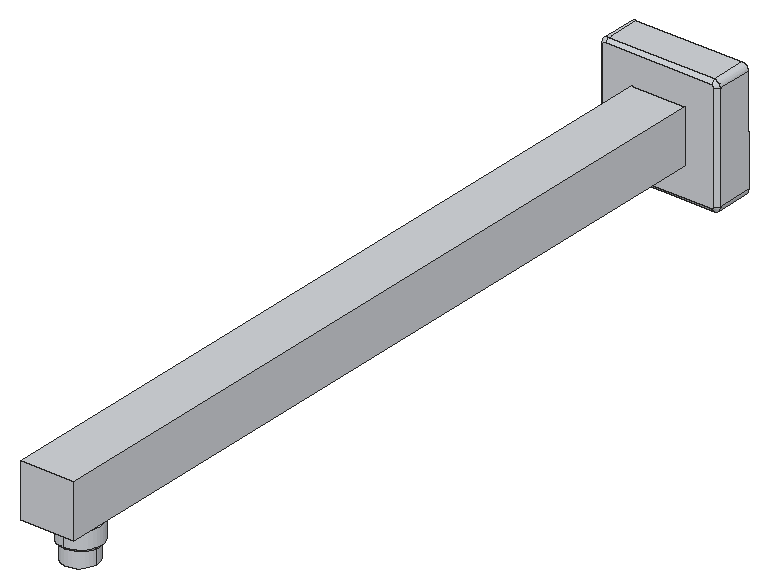
Revit family "BRG-GRF-DCH-BRAZO DE DUCHA CUADRADO 38 CM CROMO", category Aparatos sanitarios, Revit 2020
Family settings
  Cota de conector redondo = Diámetro de uso
  Tipo de pieza = Normal
  Número OmniClass = 23.45.00.00
  Título OmniClass = Sanitary, Laundry, and Cleaning Equipment
  Se basa en plano de trabajo = No
  Siempre vertical = Sí
  Corte con vacíos al cargar = No
  Compartido = Sí
  Punto de cálculo de habitación = Sí
Parameters (values of type "BRAZO DE DUCHA CUADRADO 38 CM CROMO")
  _EDESA_ Tipo de instalación = "A la pared"
  _EDESA_ Sku/código = "SG0086483061CW"
  _EDESA_ Página web = ""
  _EDESA_ Profundidad en cm = "38"
  _EDESA_ Productos necesarios para instalación = "Regadera"
  _EDESA_ Productos incluídos = ""
  _EDESA_ Peso en kg = "0.4 kg"
  _EDESA_ Nombre = "BRAZO DE DUCHA CUADRADO 38 CM"
  _EDESA_ Materiales = "Latón"
  _EDESA_ Marca = "BRIGGS"
  _EDESA_ Manual de Instalación = "https://www.briggs.com.ec/productos/instructivos/Briggs/Griferia/Regadera_con_brazo.pdf"
  _EDESA_ Garantía = "De por vida para el cuerpo principal y acabado en cromo (306)"
  _EDESA_ Distancia de instalación en cm (muro terminado) = ""
  _EDESA_ Descripción = "Brazo de ducha"
  _EDESA_ Cumple normativa ADA = ""
  _EDESA_ Contacto comercial = "(02) 395 2900"
  _EDESA_ Consumo/capacidad de agua en L = ""
  _EDESA_ Conexión hidráulica = "Entrada de agua: tubería ø 1/2\""
  _EDESA_ Color = "cromo"
  _EDESA_ Certificación = "Cumple con norma NTE - INEN 3123 basada en la norma ASME 112.18.1 - 2012."
  _EDESA_ Categoría = "Productos > Grifería > Ducha"
  _EDESA_ Ancho en cm = "6"
  _EDESA_ Alto en cm = "6"
  _ALT_Altura de ducha = 0.340282 m
  URL = "https://www.briggs.com.ec/productos/fichastecnicaspdf/Briggs/Griferia/Brazo_ducha_cuadrado_38.pdf"
  Modelo = "_Edesa_ INODORO ANDES C/A BLANCO"
  Imagen de tipo = <Ninguno>
  Fabricante = "BRIGGS Ecuador"
  Elevación por defecto = 0.00 m
  Conexión de ventilación = yes
  Conexión de residuos = yes
  Conexión AF = yes
  Conexión AC = yes
Reference planes (m)
  plane 1 "Centro (Frontal/Posterior)": y = 0
  plane 2: z = 0
  plane 3 "Centro (Izquierda/Derecha)": x = 0
Forms (m)
  Extrusion 1, solid, detail levels medium+fine
    sketch origin (-0.000692, -0.227415, 2.0064) x (-1, 0, 0) y (0, 1, 0)
      loop
        circle (-0.000485, 0.00006) r 0.005
    from 0 to 0.005
  Extrusion 2, solid, detail levels medium+fine
    sketch origin (0.005583, 0, 1.546844) x (-1, 0, 0) y (0, 0, 1)
      loop
        circle (0.005583, 0.475482) r 0.00635
    from 0.005629 to 0
  Extrusion 3, solid
    sketch origin (0, 0, 1.54) x (1, 0, 0) y (0, 0, 1)
      loop
        arc (0.0159, 0.4646) -> (0.017173, 0.465127) -> (0.0177, 0.4664) r 0.0018
        line (0.0177, 0.4664) -> (0.0177, 0.4982)
        arc (0.0177, 0.4982) -> (0.017173, 0.499473) -> (0.0159, 0.5) r 0.0018
        line (0.0159, 0.5) -> (-0.0159, 0.5)
        arc (-0.0159, 0.5) -> (-0.017173, 0.499473) -> (-0.0177, 0.4982) r 0.0018
        line (-0.0177, 0.4982) -> (-0.0177, 0.4664)
        arc (-0.0177, 0.4664) -> (-0.017173, 0.465127) -> (-0.0159, 0.4646) r 0.0018
        line (-0.0159, 0.4646) -> (0.0159, 0.4646)
    from 0 to 0.0114
  Extrusion 4, solid
    sketch origin (0, 0, 1.54) x (1, 0, 0) y (0, 0, 1)
      loop
        line (-0.00795, 0.49025) -> (-0.00795, 0.47435) -> (0.00795, 0.47435) -> (0.00795, 0.49025) -> (-0.00795, 0.49025)
    from 0.0114 to 0.24
  Sweep 5, void
    path origin (0, -0.0114, 1.54) x (1, 0, 0) y (0, 0, 1)
      loop
        arc (-0.0177, 0.4664) -> (-0.017173, 0.465127) -> (-0.0159, 0.4646) r 0.0018
        line (-0.0159, 0.4646) -> (0.0159, 0.4646)
        arc (0.0159, 0.4646) -> (0.017173, 0.465127) -> (0.0177, 0.4664) r 0.0018
        line (0.0177, 0.4664) -> (0.0177, 0.4982)
        arc (0.0177, 0.4982) -> (0.017173, 0.499473) -> (0.0159, 0.5) r 0.0018
        line (0.0159, 0.5) -> (-0.0159, 0.5)
        arc (-0.0159, 0.5) -> (-0.017173, 0.499473) -> (-0.0177, 0.4982) r 0.0018
        line (-0.0177, 0.4982) -> (-0.0177, 0.4664)
    profile origin (-0.017173, -0.0114, 2.005127) x (0.707107, 0, 0.707107) y (0, -1, 0)
      loop
        line (-0.000231, -0.001312) -> (0.001257, 0.000177) -> (-0.002466, 0.000177) -> (-0.000231, -0.001312)
  Revolve 6, solid
    sketch origin (0, 0, 1.54) x (0, 1, 0) y (0, 0, 1)
      loop
        line (-0.2274, 0.4664) -> (-0.2274, 0.4748) -> (-0.23448, 0.4748) -> (-0.23448, 0.4736) -> (-0.23255, 0.4736) -> (-0.23255, 0.4721) -> (-0.23355, 0.4721) -> (-0.23355, 0.467) -> (-0.23295, 0.4664) -> (-0.2274, 0.4664)
      axis (-0.2274, 0.4748) -> (-0.2274, 0.4664)
    angle from 0 to 360
Cuts and joins
  Sweep 5 cuts Extrusion 3
Dimensions and locks (m)
  level to Extrusion 1 = 2.0014 m
  aligned and locked: level to plane 2
Connectors (m)
  piping at (-0.000207, -0.227355, 2.0064), diameter 0.0125
    settings: on Extrusion 1, index 2, connector inside diameter 609.6 mm, connector length 0.00 m, flow factor 0, pipe flow 0.06 L/s, pressure drop 0.0 Pa, fitting loss kfactor 0, connector angle 0.00°, fixture units 0, engagement length 0.00 m, angle of deflection 0.00°, flow configuration 0, flow direction 2, fitting loss method 2, system type 19, joint type 0, gender type 0, connector reference index 3, connector utility 0, adjustable connector yes, is connector primary yes, connector description ""
  piping at (0, 0.005629, 2.022326), diameter 0.0125
    settings: on Extrusion 2, index 3, connector inside diameter 609.6 mm, connector length 0.00 m, flow factor 0, pipe flow 0.06 L/s, pressure drop 0.0 Pa, fitting loss kfactor 0, connector angle 0.00°, fixture units 0, engagement length 0.00 m, angle of deflection 0.00°, flow configuration 0, flow direction 1, fitting loss method 2, system type 19, joint type 0, gender type 0, connector reference index 2, connector utility 0, adjustable connector yes, is connector primary no, connector description ""
